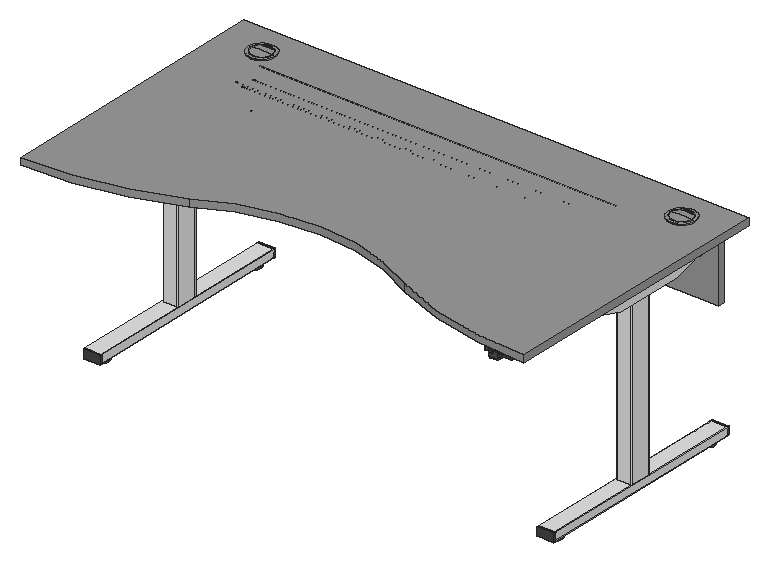
Revit family "Rise LT Double Wave Desk with Cable Ports", category Furniture, Revit 2016 (continued)
Definition of nested family "Cable Tray"
  Dimensions and locks
    locked: plane 6 "Desktop Underside" to Sweep 11 at 61.964
    locked: plane 6 "Desktop Underside" to Sweep 4 at 61.964
    locked: plane 7 to Extrusion 20 at 50.5
    locked: Extrusion 20 to plane 12 "Cable Tray Right" at 160
    locked: Extrusion 20 to Extrusion 20 at 25
    locked: Extrusion 21 to Extrusion 21 at 25
    locked: plane 11 "Cable Tray Left" to Extrusion 21 at 160
    aligned and locked: level to plane 2
    aligned and locked: Extrusion 1 to plane 12 "Cable Tray Right"
    aligned and locked: Extrusion 1 to plane 11 "Cable Tray Left"
    aligned and locked: plane 12 "Cable Tray Right" to curve 27
    aligned and locked: curve 39 to plane 11 "Cable Tray Left"
    aligned and locked: plane 6 "Desktop Underside" to Extrusion 20
  Automatic sketch dimensions
    Sweep 2 sketch curve to profile plane = 0 mm  (x2)
    Sweep 3 sketch curve to profile plane = 0 mm  (x2)
    Sweep 4 sketch curve to profile plane = 0 mm  (x2)
    Sweep 5 sketch curve to profile plane = 0 mm  (x2)
    Sweep 6 sketch curve to profile plane = 0 mm  (x2)
    Sweep 7 sketch curve to profile plane = 0 mm  (x2)
    Sweep 8 sketch curve to profile plane = 0 mm  (x2)
    Sweep 9 sketch curve to profile plane = 0 mm  (x2)
    Sweep 10 sketch curve to profile plane = 0 mm  (x2)
    Sweep 11 sketch curve to profile plane = 0 mm  (x2)
    Sweep 12 sketch curve to profile plane = 0 mm  (x2)
    Sweep 13 sketch curve to profile plane = 0 mm  (x2)
    Sweep 14 sketch curve to profile plane = 0 mm  (x2)
    Sweep 15 sketch curve to profile plane = 0 mm  (x2)
    Sweep 16 sketch curve to profile plane = 0 mm  (x2)
    Sweep 17 sketch curve to profile plane = 0 mm  (x2)
    Sweep 18 sketch curve to profile plane = 0 mm  (x2)
    Sweep 19 sketch curve to profile plane = 0 mm  (x2)
    Extrusion 1 sketch curve to plane 6 "Desktop Underside" = 61.5 mm  (x2)
    Extrusion 1 sketch curve to plane 7 = 167 mm
    Extrusion 1 sketch curve to Extrusion 1 sketch curve = 31 mm  (x2)
    Extrusion 1 sketch curve to Extrusion 1 sketch curve = 50 mm
    Extrusion 1 sketch curve to Extrusion 1 sketch curve = 30 mm  (x2)
    Extrusion 20 sketch curve to Extrusion 20 sketch curve = 0 mm  (x11)
    Extrusion 20 sketch curve to plane 6 "Desktop Underside" = 0 mm
    Extrusion 20 sketch curve to plane 6 "Desktop Underside" = 31.5 mm
    Extrusion 20 sketch curve to plane 7 = 171.565 mm
    Extrusion 20 sketch curve to Extrusion 20 sketch curve = 0.065 mm  (x2)
    Extrusion 20 sketch curve to Extrusion 20 sketch curve = 3 mm  (x4)
    Extrusion 20 sketch curve to Extrusion 20 sketch curve = 1.5 mm  (x4)
    Extrusion 20 sketch curve to Extrusion 20 sketch curve = 2.634 mm
    Extrusion 20 sketch curve to Extrusion 20 sketch curve = 0.049 mm  (x2)
    Extrusion 20 sketch curve to Extrusion 20 sketch curve = 39.801 mm
    Extrusion 20 sketch curve to Extrusion 20 sketch curve = 6 mm  (x2)
    Extrusion 20 sketch curve to Extrusion 20 sketch curve = 54.484 mm
    Extrusion 20 sketch curve to plane 6 "Desktop Underside" = 5 mm  (x2)
    Extrusion 20 sketch curve to Extrusion 20 sketch curve = 12 mm
    Extrusion 20 sketch curve to Extrusion 20 sketch curve = 36.451 mm
    Extrusion 20 sketch curve to Extrusion 20 sketch curve = 0.35 mm
    Extrusion 20 sketch curve to Extrusion 20 sketch curve = 0.016 mm
    Extrusion 20 sketch curve to plane 6 "Desktop Underside" = 56.074 mm
    Extrusion 20 sketch curve to Extrusion 20 sketch curve = 20.781 mm
    Extrusion 20 sketch curve to Extrusion 20 sketch curve = 5 mm  (x3)
    Extrusion 20 sketch curve to Extrusion 20 sketch curve = 5.426 mm
    Extrusion 20 sketch curve to Extrusion 20 sketch curve = 81.082 mm
    Extrusion 20 sketch curve to Extrusion 20 sketch curve = 3.312 mm
    Extrusion 20 sketch curve to Extrusion 20 sketch curve = 20.355 mm
    Extrusion 20 sketch curve to Extrusion 20 sketch curve = 2 mm  (x2)
    Extrusion 20 sketch curve to Extrusion 20 sketch curve = 0.293 mm  (x2)
    Extrusion 20 sketch curve to Extrusion 20 sketch curve = 3.101 mm
    Extrusion 20 sketch curve to plane 6 "Desktop Underside" = 8.101 mm
    Extrusion 20 sketch curve to Extrusion 20 sketch curve = 0.033 mm
    Extrusion 20 sketch curve to Extrusion 20 sketch curve = 1.263 mm
    Extrusion 21 sketch curve to Extrusion 21 sketch curve = 0 mm  (x11)
    Extrusion 21 sketch curve to plane 6 "Desktop Underside" = 0 mm
    Extrusion 21 sketch curve to plane 6 "Desktop Underside" = 31.5 mm
    Extrusion 21 sketch curve to plane 7 = 171.565 mm
    Extrusion 21 sketch curve to Extrusion 21 sketch curve = 0.065 mm  (x2)
    Extrusion 21 sketch curve to Extrusion 21 sketch curve = 3 mm  (x4)
    Extrusion 21 sketch curve to Extrusion 21 sketch curve = 1.5 mm  (x4)
    Extrusion 21 sketch curve to Extrusion 21 sketch curve = 2.634 mm
    Extrusion 21 sketch curve to Extrusion 21 sketch curve = 0.049 mm  (x2)
    Extrusion 21 sketch curve to Extrusion 21 sketch curve = 39.801 mm
    Extrusion 21 sketch curve to Extrusion 21 sketch curve = 6 mm  (x2)
    Extrusion 21 sketch curve to Extrusion 21 sketch curve = 54.484 mm
    Extrusion 21 sketch curve to plane 6 "Desktop Underside" = 5 mm  (x2)
    Extrusion 21 sketch curve to Extrusion 21 sketch curve = 12 mm
    Extrusion 21 sketch curve to Extrusion 21 sketch curve = 36.451 mm
    Extrusion 21 sketch curve to Extrusion 21 sketch curve = 0.35 mm
    Extrusion 21 sketch curve to Extrusion 21 sketch curve = 0.016 mm
    Extrusion 21 sketch curve to Extrusion 21 sketch curve = 3.101 mm  (x2)
    Extrusion 21 sketch curve to plane 6 "Desktop Underside" = 24.207 mm
    Extrusion 21 sketch curve to Extrusion 21 sketch curve = 7.293 mm
    Extrusion 21 sketch curve to Extrusion 21 sketch curve = 0.293 mm  (x2)
    Extrusion 21 sketch curve to Extrusion 21 sketch curve = 5 mm  (x3)
    Extrusion 21 sketch curve to Extrusion 21 sketch curve = 2 mm
    Extrusion 21 sketch curve to Extrusion 21 sketch curve = 20.355 mm
    Extrusion 21 sketch curve to Extrusion 21 sketch curve = 20.781 mm
    Extrusion 21 sketch curve to Extrusion 21 sketch curve = 5.426 mm
    Extrusion 21 sketch curve to Extrusion 21 sketch curve = 81.082 mm
    Extrusion 21 sketch curve to Extrusion 21 sketch curve = 3.312 mm
    Extrusion 21 sketch curve to Extrusion 21 sketch curve = 0.033 mm
    Extrusion 21 sketch curve to Extrusion 21 sketch curve = 1.263 mm
    radius of Sweep 2 sketch curve = 1.5 mm
    radius of Sweep 3 sketch curve = 1.5 mm
    radius of Sweep 4 sketch curve = 1.5 mm
    radius of Sweep 5 sketch curve = 1.5 mm
    radius of Sweep 6 sketch curve = 1.5 mm
    radius of Sweep 7 sketch curve = 1.5 mm
    radius of Sweep 8 sketch curve = 1.5 mm
    radius of Sweep 9 sketch curve = 1.5 mm
    radius of Sweep 10 sketch curve = 1.5 mm
    radius of Sweep 11 sketch curve = 1.5 mm
    radius of Sweep 12 sketch curve = 1.5 mm
    radius of Sweep 13 sketch curve = 1.5 mm
    radius of Sweep 14 sketch curve = 1.5 mm
    radius of Sweep 15 sketch curve = 1.5 mm
    radius of Sweep 16 sketch curve = 1.5 mm
    radius of Sweep 17 sketch curve = 1.5 mm
    radius of Sweep 18 sketch curve = 1.5 mm
    radius of Sweep 19 sketch curve = 1.5 mm
    radius of Extrusion 1 sketch curve = 1.5 mm  (x4)
Definition of nested family "Modesty Panel"
  Parameters (values of type "Modesty Panel")
    Width = 1800 mm
    URL = "www.gof.co.uk"
    Type Comments = ""
    Range = "RISE LT"
    Product Code = ""
    Modesty Panel Visible = yes
    Modesty Panel = none
    HeightControl [instance] = if(Height < 720 mm, 720 mm, (if(Height > 1200 mm, 1200 mm, Height)))  # 727 mm
    Height [instance] = 727 mm
    Desktop = none
    Model = ""
    Manufacturer = "Gresham Office Furniture"  # constant formula
    Frame = none
    Foot = none
    Assembly Code = "E2020200"
  Reference planes
    plane 1 "Center (Front/Back)": y = 0
    plane 2: z = 0
    plane 3 "Center (Left/Right)": x = 0
    plane 4: x = -900
    plane 5: x = 900
    plane 6 "Desktop Underside": z = 702
    plane 7: y = 400
    plane 8: y = -400
    plane 9 "Foot": z = 15
    plane 10: z = 727
    plane 11 "Modesty Panel": x = -593
    plane 12: x = 593
    plane 13: z = 425
    plane 14: z = 677
    plane 15: y = 375
    plane 16: x = 568
    plane 17: x = -568
    plane 18: x = -813
    plane 19: x = 813
  Forms (mm)
    Extrusion 1, solid, material <- "Frame", visible <- "Modesty Panel Visible"
      sketch origin (-593, 43.228, 0) x (0, 1, 0) y (0, 0, 1)
        loop
          line (161.772, 702) -> (161.772, 677) -> (306.772, 677) -> (306.772, 432) -> (331.772, 432) -> (331.772, 702) -> (161.772, 702)
      from 0 to 25
    Extrusion 2, solid, material <- "Frame", visible <- "Modesty Panel Visible"
      sketch origin (593, 43.228, 0) x (0, 1, 0) y (0, 0, -1)
        loop
          line (161.772, -702) -> (331.772, -702) -> (331.772, -432) -> (306.772, -432) -> (306.772, -677) -> (161.772, -677) -> (161.772, -702)
      from 0 to 25
    Extrusion 3, solid, material <- "Modesty Panel", visible <- "Modesty Panel Visible"
      sketch origin (0, 0, 0) x (0, 1, 0) y (0, 0, 1)
        loop
          line (375, 677) -> (375, 425) -> (400, 425) -> (400, 677) -> (375, 677)
      from -813 to 813
  Dimensions and locks
    equal spacing: plane 4, plane 3 "Center (Left/Right)", plane 5
    "Width": plane 4 to plane 5
    equal spacing: plane 7, plane 1 "Center (Front/Back)", plane 8
    locked: plane 7 to plane 8 at 800
    locked: plane 2 to plane 9 "Foot" at 15
    "HeightControl": plane 10 to level
    locked: plane 10 to plane 6 "Desktop Underside" at 25
    locked: Extrusion 1 sketch curve to Extrusion 1 sketch curve at 170
    locked: Extrusion 1 sketch curve to Extrusion 1 sketch curve at 25  (x2)
    locked: Extrusion 1 sketch curve to Extrusion 1 sketch curve at 270
    locked: Extrusion 1 to Extrusion 1 at 25
    locked: plane 7 to Extrusion 1 at 25
    locked: plane 11 "Modesty Panel" to plane 4 at 307
    locked: plane 12 to plane 5 at 307
    locked: Extrusion 2 sketch curve to Extrusion 2 sketch curve at 170
    locked: Extrusion 2 sketch curve to Extrusion 2 sketch curve at 25  (x2)
    locked: Extrusion 2 sketch curve to Extrusion 2 sketch curve at 270
    locked: Extrusion 2 to Extrusion 2 at 25
    locked: Extrusion 1 to plane 13 at 7
    locked: plane 6 "Desktop Underside" to plane 14 at 25
    locked: plane 7 to plane 15 at 25
    locked: plane 16 to plane 12 at 25
    locked: plane 17 to plane 11 "Modesty Panel" at 25
    locked: plane 13 to plane 14 at 252
    locked: plane 4 to plane 18 at 87
    locked: plane 19 to plane 5 at 87
    aligned and locked: level to plane 2
    aligned and locked: plane 6 "Desktop Underside" to Extrusion 1
    aligned and locked: Extrusion 1 to plane 11 "Modesty Panel"
    aligned and locked: Extrusion 2 to plane 12
    aligned and locked: Extrusion 3 to plane 14
    aligned and locked: Extrusion 3 to plane 13
    aligned and locked: Extrusion 3 to plane 18
    aligned and locked: Extrusion 3 to plane 19
  Automatic sketch dimensions
    Extrusion 1 sketch curve to plane 6 "Desktop Underside" = 0 mm
    Extrusion 1 sketch curve to plane 7 = 195 mm
    Extrusion 2 sketch curve to plane 6 "Desktop Underside" = 0 mm
    Extrusion 2 sketch curve to plane 7 = 195 mm
    Extrusion 3 sketch curve to plane 13 = 0 mm
    Extrusion 3 sketch curve to plane 15 = 0 mm
    Extrusion 3 sketch curve to plane 7 = 0 mm
    plane 14 to Extrusion 3 sketch curve = 0 mm
Types (9, lengths in mm): name | Width | Product Code | Modesty Panel Visible | Modesty Panel | Cable Tray Visible | Cable Tray
  (no name) | 1800 | "HDLWD18P" | yes | "BTCPW18" | yes | "MECT18"
  1600 x 800 | 1600 | "HDLWD16P" | no | "" | no | ""
  1800 x 800 | 1800 | "HDLWD18P" | no | "" | no | ""
  1800 x 800 with Modesty Panel & Cable Tray | 1800 | "HDLWD18P" | yes | "BTCPW18" | yes | "MECT18"
  1800 x 800 with Modesty Panel | 1800 | "HDLWD18P" | yes | "BTCPW18" | no | ""
  1800 x 800 with Cable Tray | 1800 | "HDLWD18P" | no | "" | yes | "MECT18"
  1600 x 800 with Modesty Panel & Cable Tray | 1600 | "HDLWD16P" | yes | "BTCPW16" | yes | "MECT16"
  1600 x 800 with Modesty Panel | 1600 | "HDLWD16P" | yes | "BTCPW16" | no | ""
  1600 x 800 with Cable Tray | 1600 | "HDLWD16P" | no | "" | yes | "MECT16"
